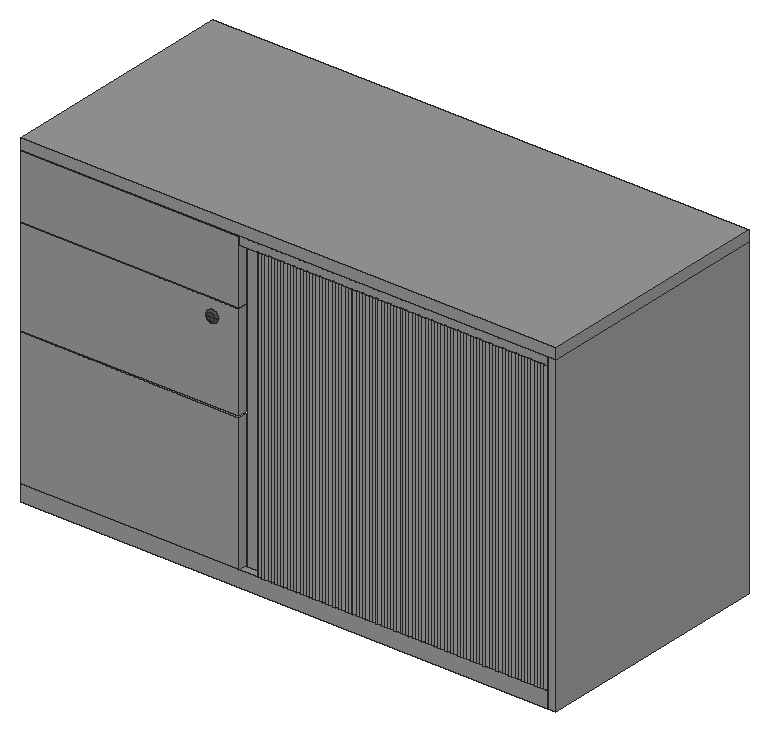
Revit family "Haworth_MSeries_Storage_Caddy_AP_PRELIMINARY", category Furniture Systems, Revit 2019 (continued)
Definition of nested family "Haworth_MSeries_Drawer_PART"
  Definition of nested family "Haworth_Drawer-Pulls"
    Forms (mm)
      Extrusion 6, void
        sketch origin (0, 0, 6.929) x (1, 0, 0) y (0, 0, 1)
          loop
            arc (-132.932, -18.265) -> (-152.327, -13.323) -> (-166.993, 0.298) r 40.532
            line (-166.993, 0.298) -> (-174.239, 0.298) -> (-174.239, -25.4) -> (174.239, -25.4) -> (174.239, 0.298) -> (166.993, 0.298)
            arc (166.993, 0.298) -> (152.327, -13.323) -> (132.932, -18.265) r 40.532
            line (132.932, -18.265) -> (-132.932, -18.265)
        from 0 to 55.909
      Sweep 7, solid, material <- "Handle Finish", visible <- "Cresent"
        path origin (0, 0, 3.175) x (1, 0, 0) y (0, 1, 0)
          loop
            arc (-96.589, 1.016) -> (0, -31.75) -> (96.589, 1.016) r 158.75
        profile origin (0, -31.75, 3.175) x (0, 1, 0) y (0, 0, 1)
          loop
            circle (3.175, -3.175) r 3.175
      Extrusion 8, void
        sketch origin (0, 0, 3.175) x (1, 0, 0) y (0, 1, 0)
          loop
            line (-100.214, 0) -> (100.177, 0) -> (100.177, 8.146) -> (-100.214, 8.146) -> (-100.214, 0)
        from 0.882 to -7.228
      Extrusion 9, solid, material <- "Handle Finish", visible <- "Linear"
        sketch origin (0, 0, 3.175) x (1, 0, 0) y (0, 1, 0)
          loop
            line (-101.6, 0) -> (-101.6, -31.75) -> (101.6, -31.75) -> (101.6, 0) -> (76.2, 0) -> (76.2, -25.4) -> (-76.2, -25.4) -> (-76.2, 0) -> (-101.6, 0)
        from 0 to -6.35
      Extrusion 10, solid, material <- "Handle Finish", visible <- "Classic"
        sketch origin (0, 0, 9.525) x (1, 0, 0) y (0, 0, 1)
          loop
            line (-85.725, 0) -> (-85.725, -19.05)
            arc (-85.725, -19.05) -> (-76.2, -9.525) -> (-85.725, 0) r 9.525
        from 0 to 25.4
      Extrusion 11, solid, material <- "Handle Finish", visible <- "Classic"
        sketch origin (0, 0, 9.525) x (-1, 0, 0) y (0, 0, -1)
          loop
            arc (-85.725, 0) -> (-76.2, 9.525) -> (-85.725, 19.05) r 9.525
            line (-85.725, 19.05) -> (-85.725, 0)
        from 0 to 25.4
      Extrusion 12, solid, material <- "Handle Finish", visible <- "Classic"
        sketch origin (0, 0, 9.525) x (1, 0, 0) y (0, 0, 1)
          loop
            line (-85.725, 0) -> (-85.725, -19.05) -> (85.725, -19.05) -> (85.725, 0) -> (-85.725, 0)
        from 25.4 to 31.75
      Blend 13, solid, material <- "Handle Finish", visible <- "Radius"
        base sketch origin (0, 0, 7.938) x (0, 1, 0) y (0, 0, 1)
          loop
            line (0, 0) -> (-10.246, 0)
            arc (-10.246, 0) -> (-18.184, -7.938) -> (-10.246, -15.875) r 7.938
            line (-10.246, -15.875) -> (0, -15.875) -> (0, 0)
        top sketch origin (0, 0, 7.938) x (0, 1, 0) y (0, 0, 1)
          loop
            line (0, 0) -> (-19.782, 0)
            arc (-19.782, 0) -> (-27.72, -7.938) -> (-19.782, -15.875) r 7.938
            line (-19.782, -15.875) -> (0, -15.875) -> (0, 0)
        from -123.825 to -92.075
      Extrusion 14, solid, material <- "Handle Finish", visible <- "Patterns"
        sketch origin (0, 0, 6.929) x (0, 1, 0) y (0, 0, 1)
          loop
            line (0, 0) -> (-22.225, 0)
            arc (-22.225, 0) -> (-24.47, -0.93) -> (-25.4, -3.175) r 3.175
            line (-25.4, -3.175) -> (-25.4, -17.78) -> (-24.609, -17.78) -> (-24.609, -3.178)
            arc (-24.609, -3.178) -> (-23.911, -1.492) -> (-22.225, -0.794) r 2.384
            line (-22.225, -0.794) -> (-0.794, -0.794) -> (-0.794, -13.462) -> (0, -13.462) -> (0, 0)
        from -101.6 to 101.6
    Cuts and joins
      Extrusion 2 cuts Extrusion 1
      joined: Extrusion 10, Extrusion 11, Extrusion 12
      Extrusion 6 cuts Extrusion 5
      Extrusion 8 cuts Sweep 7
      joined: Blend 3, Sweep 4, Blend 13
Definition of nested family "Haworth_BeHold_Casters_PART"
  Parameters (values of type "Casters")
    Warranty = "http://www.haworth.com/product-info/warranties"
    Version = "1"  # constant formula
    URL - Product = ""
    URL = "http://www.haworth.com/our-brands/haworth-collection"
    Size = "Verify Final Dim. w/ Haworth"  # constant formula
    Model = "Haworth Be_Hold"  # constant formula
    Manufacturer = "Haworth"  # constant formula
    Description = "Haworth Be_Hold Casters - Part"
    Caster Finish = none
    Author = "Haworth (Alias)"  # constant formula
    Assembly Code = "E2020200"
  Reference planes
    plane 1 "Center Front/Back": y = 29.103
    plane 2: z = 0
    plane 3 "Center Left/Right": x = 0
    plane 4 "Caster Center": y = 14.953
    plane 5 "Center Height": z = 18.5
  Forms (mm)
    Revolve 1, solid, material <- "Caster Finish"
      sketch origin (0, 14.953, 0) x (-1, 0, 0) y (0, 0, 1)
        loop
          line (-25.2, 18.5) -> (25.2, 18.5)
          arc (25.2, 18.5) -> (24.769, 26.351) -> (23.6, 34.126) r 83.182
          arc (23.6, 34.126) -> (22.362, 36.189) -> (20.097, 37) r 3.572
          line (20.097, 37) -> (9.891, 37)
          arc (9.891, 37) -> (9.049, 36.651) -> (8.701, 35.809) r 1.191
          line (8.701, 35.809) -> (8.701, 25.65) -> (5.201, 25.65) -> (5.201, 23.954) -> (-5.2, 23.954) -> (-5.2, 25.65) -> (-8.699, 25.65) -> (-8.699, 35.809)
          arc (-8.699, 35.809) -> (-9.048, 36.651) -> (-9.89, 37) r 1.191
          line (-9.89, 37) -> (-20.076, 37)
          arc (-20.076, 37) -> (-22.358, 36.184) -> (-23.604, 34.105) r 3.596
          arc (-23.604, 34.105) -> (-24.77, 26.34) -> (-25.2, 18.5) r 83.182
        axis (25.2, 18.5) -> (-25.2, 18.5)
      angle from 0 to 360
    Revolve 2, solid, material <- "Caster Finish"
      sketch origin (0, 29.103, 0) x (1, 0, 0) y (0, 0, 1)
        loop
          line (0, 41.15) -> (0, 32.85) -> (4.674, 32.85) -> (4.674, 34.65) -> (6.224, 34.65)
          arc (6.224, 34.65) -> (7.435, 36.483) -> (7.07, 38.65) r 2.998
          line (7.07, 38.65) -> (4.5, 38.65) -> (10.999, 41.15) -> (0, 41.15)
        axis (0, 41.15) -> (0, 32.85)
      angle from 0 to 360
    Sweep 3, solid, material <- "Caster Finish"
      path origin (0, 0, 0) x (1, 0, 0) y (0, 1, 0)
        loop
          line (-7, 14.953) -> (7, 14.953)
      profile origin (0, 14.953, 0) x (0, 1, 0) y (0, 0, 1)
        loop
          line (20.977, 32.85) -> (6.05, 32.85) -> (6.05, 36.85) -> (0, 36.85)
          arc (0, 36.85) -> (-7.561, 35.22) -> (-13.778, 30.62) r 18.35
          arc (-13.778, 30.62) -> (-14.089, 30.124) -> (-14.226, 29.554) r 1.821
          line (-14.226, 29.554) -> (-14.532, 25.512)
          arc (-14.532, 25.512) -> (-14.621, 23.953) -> (-14.65, 22.392) r 41.348
          line (-14.65, 22.392) -> (-14.65, 6.05) -> (17.008, 6.05)
          arc (17.008, 6.05) -> (19.814, 7.212) -> (20.977, 10.019) r 3.969
          line (20.977, 10.019) -> (20.977, 32.85)
    Extrusion 4, solid, material <- "Caster Finish"
      sketch origin (0, 0, 0) x (1, 0, 0) y (0, 1, 0)
        loop
          arc (-19.945, 44.352) -> (-23.873, 42.725) -> (-25.501, 38.796) r 5.556
          line (-25.501, 38.796) -> (-25.501, 19.409)
          arc (-25.501, 19.409) -> (-23.873, 15.48) -> (-19.945, 13.853) r 5.556
          line (-19.945, 13.853) -> (19.901, 13.853)
          arc (19.901, 13.853) -> (23.86, 15.493) -> (25.5, 19.452) r 5.599
          line (25.5, 19.452) -> (25.5, 38.796)
          arc (25.5, 38.796) -> (23.872, 42.725) -> (19.943, 44.352) r 5.556
          line (19.943, 44.352) -> (-19.945, 44.352)
      from 41.15 to 44.45
  Lines and regions (mm)
    Masking region 1
      outline origin (0, 0, 0) x (1, 0, 0) y (0, 1, 0)
        loop
          line (-9.891, 33.453) -> (-20.097, 33.453)
          arc (-20.097, 33.453) -> (-22.373, 32.633) -> (-23.605, 30.551) r 3.572
          arc (-23.605, 30.551) -> (-25.081, 14.953) -> (-23.605, -0.645) r 83.145
          arc (-23.605, -0.645) -> (-22.373, -2.728) -> (-20.097, -3.547) r 3.572
          line (-20.097, -3.547) -> (-9.891, -3.547)
          arc (-9.891, -3.547) -> (-9.049, -3.198) -> (-8.701, -2.356) r 1.191
          line (-8.701, -2.356) -> (-8.701, 7.803) -> (-5.201, 7.803) -> (-5.201, 9.499) -> (5.2, 9.499) -> (5.2, 7.803) -> (8.699, 7.803) -> (8.699, -2.356)
          arc (8.699, -2.356) -> (9.048, -3.198) -> (9.89, -3.547) r 1.191
          line (9.89, -3.547) -> (20.076, -3.547)
          arc (20.076, -3.547) -> (22.356, -2.733) -> (23.603, -0.658) r 3.596
          arc (23.603, -0.658) -> (25.081, 14.953) -> (23.603, 30.564) r 83.145
          arc (23.603, 30.564) -> (22.356, 32.639) -> (20.076, 33.453) r 3.596
          line (20.076, 33.453) -> (9.89, 33.453)
          arc (9.89, 33.453) -> (9.048, 33.104) -> (8.699, 32.262) r 1.191
          line (8.699, 32.262) -> (8.699, 22.103) -> (5.2, 22.103) -> (5.2, 20.407) -> (-5.201, 20.407) -> (-5.201, 22.103) -> (-8.701, 22.103) -> (-8.701, 32.262)
          arc (-8.701, 32.262) -> (-9.049, 33.104) -> (-9.891, 33.453) r 1.191
  Dimensions and locks
    locked: plane 5 "Center Height" to plane 2 at 18.5
    equal spacing: Sweep 3 sketch curve, plane 3 "Center Left/Right", Sweep 3 sketch curve, locked at 7 each
    aligned and locked: level to plane 2
    aligned and locked: plane 5 "Center Height" to Revolve 1 sketch curve
    aligned and locked: Revolve 1 sketch curve to plane 5 "Center Height"
    aligned and locked: Sweep 3 sketch curve to plane 4 "Caster Center"
    aligned and locked: Revolve 2 sketch curve to plane 3 "Center Left/Right"  (x2)
Types (4, lengths in mm): name | Width | Tambour with Pencil Box File | Tambour with Box File | Tambour Width | Tambour Door Height | Tambour Door | Pencil | Open with Pencil Box File | Open with Box File | Open Shelf | Total Drawer Height | Actual Width | Actual Height
  B/F 534h tambour | 1000 | no | yes | 573 | 424 | yes | no | no | no | no | 484 | 1000 | 534
  P/B/F 654h tambour | 1000 | yes | no | 573 | 544 | yes | yes | no | no | no | 604 | 1000 | 654
  B/F 534h open | 900 | no | no | 473 | 424 | no | no | no | yes | yes | 484 | 900 | 534
  P/B/F 654h open | 900 | no | no | 473 | 544 | no | yes | yes | no | yes | 604 | 900 | 654
